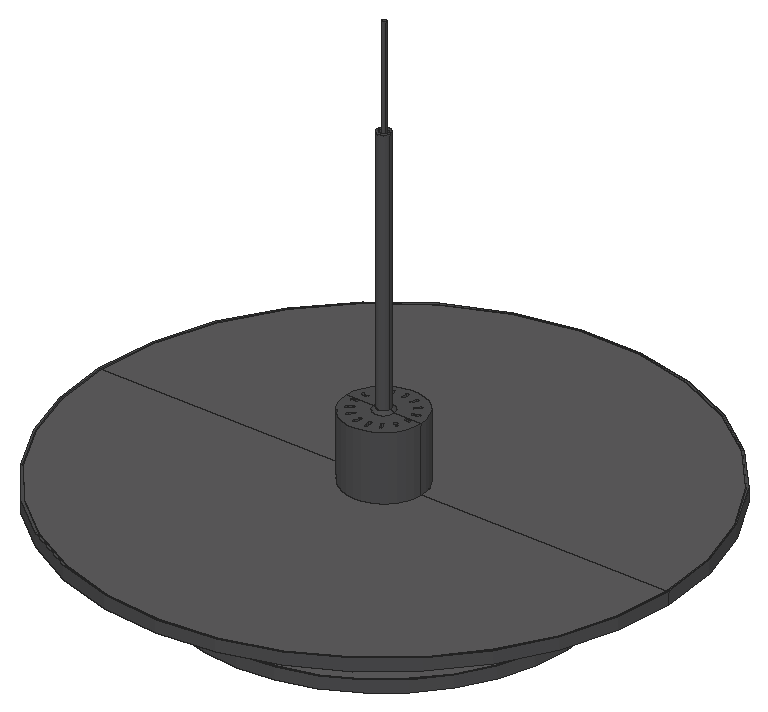
Revit family "Lighting_Pendants_Zero_Slizes", category Lighting Fixtures, Revit 2020
Family settings
  Round Connector Dimension = Use Diameter
  Part Type = Normal
  OmniClass Number = 23.80.70.00
  OmniClass Title = Lighting
  Work Plane-Based = No
  Always vertical = Yes
  Cut with Voids When Loaded = No
  Light Source = Yes
  Shared = No
  Room Calculation Point = No
Parameters (values of type "Slizes - Black 11W/884LM DALI")
  Wattage = 19.8473 W
  WarrantyStartDate [instance] = "n/a"
  WarrantyGuarantorParts = "n/a"
  WarrantyGuarantorLabor = "n/a"
  WarrantyDurationUnit = "n/a"
  WarrantyDurationParts = "n/a"
  WarrantyDurationLabor = "n/a"
  WarrantyDescription = "n/a"
  built-in parameter 1150110 = 1 (stored number, unit not read)
  VersionDate = "31/08/2023"  # constant formula
  Version = "2"  # constant formula
  Uniclass2015Reference = "Pr_70_70_48_46"
  Uniclass2015Description = "Light-emitting diode (LED) luminaires"
  Uniclass2 = "Pr_70_70_49_43"
  URL = "https://www.zerolighting.com/pendants#/slice-inompe"
  TotalWattage = 10 W
  built-in parameter 1114217 = 1 (stored number, unit not read)
  Tilt Angle = 90.00°
  built-in parameter 1150109 = 1 (stored number, unit not read)
  built-in parameter 1150134 = (empty or 0)
  TagNumber [instance] = "n/a"
  SustainabilityPerformance = "n/a"
  built-in parameter 1150113 = 1 (stored number, unit not read)
  Size = "580x580x415 mm"
  Shape = "Sculptured"
  SerialNumber [instance] = "n/a"
  Revision = "1"  # constant formula
  ReplacementCost = "n/a"
  ProductInformation = "n/a"
  ProductDatasheet = "https://www.zerolighting.com/s/Slice-pendel.pdf"
  PositionD_BelowMaterial [instance] = Hush 60155
  PositionD_AboveMaterial [instance] = Hush 60900
  PositionC_BelowMaterial [instance] = Hush 60155
  PositionC_AboveMaterial [instance] = Hush 60900
  PositionB_BelowMaterial [instance] = Hush 60155
  PositionB_AboveMaterial [instance] = Hush 60900
  PositionA_BelowMaterial [instance] = Hush 60155
  PositionA_AboveMaterial [instance] = Hush 60900
  Photometric Web File = "Slice_LED.IES"
  NumberOfSources = 0
  NumberOfPoles = 1
  NominalWidth = 580 mm
  NominalVoltageCalc = 230 V
  NominalVoltage = 230 V
  NominalLength = 580 mm
  NominalHeight = 415.5 mm
  NominalFrequencyRange = 50 Hz
  Name = "Zero_Slizes"  # constant formula
  NBSReference = "90-60-50/405"
  NBSDescription = "General purpose luminaires"
  ModelReference = "n/a"
  ModelNumber = "12120106D30"
  Model = "Slizes - Black 11W/884LM DALI"
  Material = "Metal & textile"
  ManufacturersSpecificInformation = "n/a"
  ManufacturerURL = "https://www.zerolighting.com/"
  ManufacturerName = "Zero"
  Manufacturer = "Zero"
  Lumens = 884 lm
  built-in parameter 1150115 = 1 (stored number, unit not read)
  built-in parameter 1150105 = 347.2 (stored number, unit not read)
  LightType [instance] = Slice_D580_2x : Slice_D580_2x
  LightFixturePlacingType = "Ceilling"
  LightFixtureMountingType = "Suspended"
  LightFixtureMainMaterial = Black RAL 9005
  built-in parameter 1150137 = (empty or 0)
  built-in parameter 1150139 = (empty or 0)
  LensMaterial = Mat Acrylic
  built-in parameter 1150112 = 1 (stored number, unit not read)
  built-in parameter 1150114 = 1 (stored number, unit not read)
  InsulationStandardClass = "n/a"
  InstallationDate [instance] = "n/a"
  built-in parameter 1150132 = 2
  built-in parameter 1150102 = (empty or 0)
  built-in parameter 1150138 = (empty or 0)
  built-in parameter 1150107 = 3000 (stored number, unit not read)
  built-in parameter 1150106 = 3.472 (stored number, unit not read)
  IfcExportType = "NOTDEFINED"  # constant formula
  IfcExportAs = "IfcLightFixtureType"  # constant formula
  IP_Code = "IP 20"
  HasProtectiveEarth = yes
  Grade = "n/a"
  Finish = "Painted metal in black RAL 9005. Sound absorbing slices made of polyester and bi-component fibre. Fabric Hush/Gabriel."
  Features = "LED info: With incorporated LED module or with dimmable LED lightsource included GU10 4,9W/2700K, 6,2W/3000K. Module-System power: 11W. Luminaire Luminous Flux: 884LM. CCT 3000K. SDCM 3. CRI 90. L70/50000H\r\nInstallation: On ceiling-hook. Including ceiling cup.\r\nConnection: DCL plug or terminalblock 3x4 mm2. When DALI 5x4mm2."
  ExpectedLife = "50.000h"
  Emit from Circle Diameter = 86 mm
  Emit Shape Visible in Rendering = no
  ElectricalDeviceNominalPower = 10
  built-in parameter 1150104 = 4.1379 (stored number, unit not read)
  DurationUnit = "Hours"
  Dimming Lamp Color Temperature Shift = <None>
  Designer = "Halskov & Dalsgaard 2022"
  DefaultElevation = 0 mm
  Default Elevation = 0 mm
  Constituents = "n/a"
  Color Filter = 16777215
  Color = "Various"
  Collection = "Slizes"
  CodePerformance = "n/a"
  Category = "Luminaires"
  CableLengthControl [instance] = if(CableLength < 100 mm, 100 mm, if(CableLength > 2500 mm, 2500 mm, CableLength))  # 100 mm
  CableLength [instance] = 100 mm
  Brand = "Zero"
  Barcode [instance] = "n/a"
  built-in parameter 1114218 = 1 (stored number, unit not read)
  BIMObjectName = "Lighting_Pendants_Zero_Slizes"  # constant formula
  Author = "BIMStone"  # constant formula
  built-in parameter 1150133 = 10 (stored number, unit not read)
  AssetType = "Fixed"
  AssetIdentifier [instance] = "n/a"
  Article Number = ModelNumber  # "12120106D30"
  AccessibilityPerformance = "n/a"
Types (2, lengths in mm): name | ModelNumber | Model | Article Number
  Slizes - Black 11W/884LM On/Off | "12120106-30" | "Slizes - Black 11W/884LM On/Off" | "12120106-30"
  Slizes - Black 11W/884LM DALI | "12120106D30" | "Slizes - Black 11W/884LM DALI" | "12120106D30"
Reference planes
  plane 1 "Light Source Axis (F/B)": y = 0
  plane 2: z = 0
  plane 3 "Light Source Axis (L/R)": x = 0
  plane 4 "Light Source Elevation": z = 0
  plane 5: x = -290
  plane 6: x = 290
  plane 7: y = 290
  plane 8: y = -290
  plane 9: z = 415.5
Dimensions and locks
  equal spacing: plane 5, plane 3 "Light Source Axis (L/R)", plane 6
  "NominalWidth": plane 5 to plane 6
  equal spacing: plane 7, plane 1 "Light Source Axis (F/B)", plane 8
  "NominalLength": plane 7 to plane 8
  "NominalHeight": plane 9 to plane 4 "Light Source Elevation"
  aligned and locked: plane 3 "Light Source Axis (L/R)" to imposter light
  aligned and locked: plane 1 "Light Source Axis (F/B)" to imposter light
  aligned and locked: plane 4 "Light Source Elevation" to imposter light
  aligned and locked: level to plane 2
  aligned and locked: plane 3 "Light Source Axis (L/R)" to nested 1
Nested families
  nested 1: "Slice_D580_2x" at (0, 0, 0), Body <- "LightFixtureMainMaterial", Glass <- "LensMaterial", type <- "LightType", Cable <- "LightFixtureMainMaterial", CableLenghtControl <- "CableLengthControl", Ring1BottomMaterial <- "PositionA_BelowMaterial", Ring1TopMaterial <- "PositionA_AboveMaterial", Ring2BottomMaterial <- "PositionB_BelowMaterial", Ring3BottomMaterial <- "PositionC_BelowMaterial", Ring4BottomMaterial <- "PositionD_BelowMaterial", Ring2TopMaterial <- "PositionB_AboveMaterial", Ring3TopMaterial <- "PositionC_AboveMaterial", Ring4TopMaterial <- "PositionD_AboveMaterial", type "Slice_D580_2x"
    with Ring4TopMaterial Hush 60900, Ring4BottomMaterial Hush 60155, Ring3TopMaterial Hush 60900, Ring3BottomMaterial Hush 60155, Ring2TopMaterial Hush 60900, Ring2BottomMaterial Hush 60155, Ring1TopMaterial Hush 60900, Ring1BottomMaterial Hush 60155, Glass Mat Acrylic, CableLenghtControl 100 mm, Cable Black RAL 9005, Body Black RAL 9005
Connectors
  electrical at (0, 0, 415.5)
    settings: on plane 9, index 1, voltage 0 V, apparent load 0 VA, apparent load phase1 0 VA, apparent load phase2 0 VA, apparent load phase3 0 VA, power factor 1, load classification "Other", number of poles 1, system type 31, power factor state 1, is connector primary yes, connector utility no, sub classification motor no, connector description ""
Definition of nested family "Slice_D580_2x"
  Parameters (values of type "Slice_D580_2x")
    Ring4TopMaterial [instance] = none
    Ring4BottomMaterial [instance] = none
    Ring3TopMaterial [instance] = none
    Ring3BottomMaterial [instance] = none
    Ring2TopMaterial [instance] = none
    Ring2BottomMaterial [instance] = none
    Ring1TopMaterial [instance] = none
    Ring1BottomMaterial [instance] = none
    Glass [instance] = none
    Default Elevation = 0 mm
    CableLenghtControl [instance] = 250 mm
    Cable [instance] = none
    Body [instance] = none
  Reference planes
    plane 1 "Center (Front/Back)": y = 0
    plane 2: z = 0
    plane 3 "Center (Left/Right)": x = 0
    plane 4: x = 290
    plane 5: z = 415.5
    plane 6: x = -290
    plane 7: y = -290
    plane 8: y = 290
  Forms (mm)
    Extrusion 1, solid, material <- "Cable"
      sketch origin (-351, -1524, 415.5) x (-1, 0, 0) y (0, -1, 0)
        loop
          circle (-351, -1524) r 2
      from -266.5 to 250 <- "CableLenghtControl"
    Revolve 2, solid, material <- "Ring1BottomMaterial", detail levels medium+fine
      sketch origin (0, 0, 0) x (1, 0, 0) y (0, 0, 1)
        loop
          line (-185.5, 8) -> (-38.5, 8) -> (-38.5, 14) -> (-185.5, 14) -> (-185.5, 8)
        axis (0, 14) -> (0, 8)
      angle from 0 to 360
    Revolve 3, solid, material <- "Body", detail levels medium+fine
      sketch origin (0, 0, 0) x (1, 0, 0) y (0, 0, 1)
        loop
          line (-38, 161.5) -> (-38, 85) -> (-55, 85) -> (-55, 83.5) -> (-38, 83.5) -> (-38, 1.589)
          arc (-38, 1.589) -> (-37.21, 1.527) -> (-36.5, 1.878) r 1.492
          line (-36.5, 1.878) -> (-36.5, 159) -> (-6.5, 159) -> (-6.5, 164) -> (-7.5, 164) -> (-10, 161.5) -> (-38, 161.5)
        axis (0, 164) -> (0, 1.589)
      angle from 0 to 360
    Revolve 4, solid, material <- "Body", detail levels medium+fine
      sketch origin (0, 0, 0) x (1, 0, 0) y (0, 0, 1)
        loop
          line (-43, 8) -> (-43, 1.484)
          arc (-43, 1.484) -> (-42.565, 0.435) -> (-41.516, 0) r 1.484
          line (-41.516, 0) -> (-37.5, 0)
          arc (-37.5, 0) -> (-35.379, 0.879) -> (-34.5, 3) r 3
          line (-34.5, 3) -> (-34.5, 30.991)
          arc (-34.5, 30.991) -> (-33.765, 32.765) -> (-31.991, 33.5) r 2.509
          line (-31.991, 33.5) -> (0, 33.5) -> (0, 35) -> (-32, 35)
          arc (-32, 35) -> (-34.828, 33.828) -> (-36, 31) r 4
          line (-36, 31) -> (-36, 2.992)
          arc (-36, 2.992) -> (-36.437, 1.937) -> (-37.492, 1.5) r 1.492
          line (-37.492, 1.5) -> (-41.5, 1.5) -> (-41.5, 8) -> (-43, 8)
        axis (0, 35) -> (0, 0)
      angle from 0 to 360
    Revolve 5, solid, material <- "Body", detail levels medium+fine
      sketch origin (0, 0, 0) x (1, 0, 0) y (0, 0, 1)
        loop
          line (-34, 21.5) -> (-34, 18.5) -> (0, 18.5) -> (0, 21.5) -> (-34, 21.5)
        axis (0, 21.5) -> (0, 18.5)
      angle from 0 to 360
    Extrusion 6, void
      sketch origin (0, 0, 0) x (1, 0, 0) y (0, 1, 0)
        loop
          arc (-1.5, 25) -> (0, 23.5) -> (1.5, 25) r 1.5
          line (1.5, 25) -> (1.5, 29.5)
          arc (1.5, 29.5) -> (0, 31) -> (-1.5, 29.5) r 1.5
          line (-1.5, 29.5) -> (-1.5, 25)
        loop
          arc (8.798, 23.449) -> (9.558, 21.468) -> (11.539, 22.229) r 1.5
          line (11.539, 22.229) -> (13.369, 26.339)
          arc (13.369, 26.339) -> (12.609, 28.32) -> (10.628, 27.56) r 1.5
          line (10.628, 27.56) -> (8.798, 23.449)
        loop
          arc (17.575, 17.843) -> (17.464, 15.725) -> (19.582, 15.614) r 1.5
          line (19.582, 15.614) -> (22.926, 18.625)
          arc (22.926, 18.625) -> (23.037, 20.743) -> (20.919, 20.854) r 1.5
          line (20.919, 20.854) -> (17.575, 17.843)
        loop
          arc (23.313, 9.152) -> (22.35, 7.262) -> (24.24, 6.299) r 1.5
          line (24.24, 6.299) -> (28.52, 7.689)
          arc (28.52, 7.689) -> (29.483, 9.58) -> (27.593, 10.543) r 1.5
          line (27.593, 10.543) -> (23.313, 9.152)
        loop
          arc (25.02, -1.121) -> (23.371, -2.456) -> (24.706, -4.105) r 1.5
          line (24.706, -4.105) -> (29.182, -4.575)
          arc (29.182, -4.575) -> (30.83, -3.24) -> (29.495, -1.592) r 1.5
          line (29.495, -1.592) -> (25.02, -1.121)
        loop
          arc (22.401, -11.201) -> (20.352, -11.75) -> (20.901, -13.799) r 1.5
          line (20.901, -13.799) -> (24.798, -16.049)
          arc (24.798, -16.049) -> (26.847, -15.5) -> (26.298, -13.451) r 1.5
          line (26.298, -13.451) -> (22.401, -11.201)
        loop
          arc (15.908, -19.344) -> (13.813, -19.012) -> (13.481, -21.107) r 1.5
          line (13.481, -21.107) -> (16.126, -24.748)
          arc (16.126, -24.748) -> (18.221, -25.08) -> (18.553, -22.984) r 1.5
          line (18.553, -22.984) -> (15.908, -19.344)
        loop
          arc (6.665, -24.142) -> (4.886, -22.986) -> (3.731, -24.766) r 1.5
          line (3.731, -24.766) -> (4.666, -29.167)
          arc (4.666, -29.167) -> (6.445, -30.323) -> (7.601, -28.543) r 1.5
          line (7.601, -28.543) -> (6.665, -24.142)
        loop
          arc (-3.731, -24.766) -> (-4.886, -22.986) -> (-6.665, -24.142) r 1.5
          line (-6.665, -24.142) -> (-7.601, -28.543)
          arc (-7.601, -28.543) -> (-6.445, -30.323) -> (-4.666, -29.167) r 1.5
          line (-4.666, -29.167) -> (-3.731, -24.766)
        loop
          arc (-13.481, -21.107) -> (-13.813, -19.012) -> (-15.908, -19.344) r 1.5
          line (-15.908, -19.344) -> (-18.553, -22.984)
          arc (-18.553, -22.984) -> (-18.221, -25.08) -> (-16.126, -24.748) r 1.5
          line (-16.126, -24.748) -> (-13.481, -21.107)
        loop
          arc (-20.901, -13.799) -> (-20.352, -11.75) -> (-22.401, -11.201) r 1.5
          line (-22.401, -11.201) -> (-26.298, -13.451)
          arc (-26.298, -13.451) -> (-26.847, -15.5) -> (-24.798, -16.049) r 1.5
          line (-24.798, -16.049) -> (-20.901, -13.799)
        loop
          arc (-24.706, -4.105) -> (-23.371, -2.456) -> (-25.02, -1.121) r 1.5
          line (-25.02, -1.121) -> (-29.495, -1.592)
          arc (-29.495, -1.592) -> (-30.83, -3.24) -> (-29.182, -4.575) r 1.5
          line (-29.182, -4.575) -> (-24.706, -4.105)
        loop
          arc (-24.24, 6.299) -> (-22.35, 7.262) -> (-23.313, 9.152) r 1.5
          line (-23.313, 9.152) -> (-27.593, 10.543)
          arc (-27.593, 10.543) -> (-29.483, 9.58) -> (-28.52, 7.689) r 1.5
          line (-28.52, 7.689) -> (-24.24, 6.299)
        loop
          arc (-19.582, 15.614) -> (-17.464, 15.725) -> (-17.575, 17.843) r 1.5
          line (-17.575, 17.843) -> (-20.919, 20.854)
          arc (-20.919, 20.854) -> (-23.037, 20.743) -> (-22.926, 18.625) r 1.5
          line (-22.926, 18.625) -> (-19.582, 15.614)
        loop
          arc (-11.539, 22.229) -> (-9.558, 21.468) -> (-8.798, 23.449) r 1.5
          line (-8.798, 23.449) -> (-10.628, 27.56)
          arc (-10.628, 27.56) -> (-12.609, 28.32) -> (-13.369, 26.339) r 1.5
          line (-13.369, 26.339) -> (-11.539, 22.229)
      from 149 to 164
    Revolve 7, solid, material <- "Body", detail levels medium+fine
      sketch origin (0, 0, 0) x (1, 0, 0) y (0, 0, 1)
        loop
          line (-4.85, 149) -> (-4.85, 414.75)
          arc (-4.85, 414.75) -> (-5.6, 415.5) -> (-6.35, 414.75) r 0.75
          line (-6.35, 414.75) -> (-6.35, 149) -> (-4.85, 149)
        axis (0, 149) -> (0, 414.75)
      angle from 0 to 360
    Revolve 8, solid, material <- "Ring2BottomMaterial", detail levels medium+fine
      sketch origin (0, 0, 0) x (1, 0, 0) y (0, 0, 1)
        loop
          line (-288, 85) -> (-38.5, 85) -> (-38.5, 91) -> (-288, 91) -> (-288, 85)
        axis (0, 91) -> (0, 85)
      angle from 0 to 360
    Revolve 9, solid, material <- "Body", detail levels medium+fine
      sketch origin (0, 0, 50) x (1, 0, 0) y (0, 0, 1)
        loop
          line (-290, 35) -> (-288, 35) -> (-288, 47) -> (-290, 47) -> (-290, 35)
        loop
          line (-185.5, -30) -> (-187.5, -30) -> (-187.5, -42) -> (-185.5, -42) -> (-185.5, -30)
        axis (0, 47) -> (0, -42)
      angle from 0 to 360
    Extrusion 10, solid, material <- "Body", detail levels coarse
      sketch origin (0, 0, 0) x (1, 0, 0) y (0, 1, 0)
        loop
          line (-290, 290) -> (-290, -290) -> (290, -290) -> (290, 290) -> (-290, 290)
      from 0 to 415.5
    Revolve 11, solid, material <- "Ring1TopMaterial", detail levels medium+fine
      sketch origin (0, 0, 0) x (1, 0, 0) y (0, 0, 1)
        loop
          line (-185.5, 14) -> (-38.5, 14) -> (-38.5, 20) -> (-185.5, 20) -> (-185.5, 14)
        axis (0, 20) -> (0, 14)
      angle from 0 to 360
    Revolve 12, solid, material <- "Ring2TopMaterial", detail levels medium+fine
      sketch origin (0, 0, 0) x (1, 0, 0) y (0, 0, 1)
        loop
          line (-288, 91) -> (-38.5, 91) -> (-38.5, 97) -> (-288, 97) -> (-288, 91)
        axis (0, 97) -> (0, 91)
      angle from 0 to 360
  Cuts and joins
    Extrusion 6 cuts Revolve 3
  Lines and regions (mm)
    symbolic lines, detail levels fine
      curve 1: line (0, 0, 97) -> (-38, 0, 97)
      curve 4: line (0, 0, 20) -> (-38, 0, 20)
      curve 10: line (-43, 0, 8) -> (0, 0, 8)
      curve 15: line (-38, 0, 83.5) -> (0, 0, 83.5)
      curve 20: line (-6.35, 0, 164) -> (0, 0, 164)
      curve 23: line (-10, 0, 161.5) -> (0, 0, 161.5)
      curve 25: line (-55, 0, 85) -> (0, 0, 85)
      curve 27: line (0, 0, 97) -> (38, 0, 97)
      curve 30: line (0, 0, 20) -> (38, 0, 20)
      curve 36: line (43, 0, 8) -> (0, 0, 8)
      curve 41: line (38, 0, 83.5) -> (0, 0, 83.5)
      curve 46: line (6.35, 0, 164) -> (0, 0, 164)
      curve 49: line (10, 0, 161.5) -> (0, 0, 161.5)
      curve 51: line (55, 0, 85) -> (0, 0, 85)
      curve 54: circle (0, 0, 0) r 187.5 normal (0, 0, 1)
      curve 59: line (0, 0, 164) -> (0, -6.35, 164)
      curve 64: line (0, -38, 97) -> (0, 0, 97)
      curve 65: line (0, 0, 97) -> (0, 38, 97)
      curve 70: line (0, 6.35, 164) -> (0, 0, 164)
      curve 79: line (0, 43, 8) -> (0, 0, 8)
      curve 80: line (0, 0, 8) -> (0, -43, 8)
      curve 81: line (0, 38, 83.5) -> (0, 0, 83.5)
      curve 82: line (0, 0, 83.5) -> (0, -38, 83.5)
      curve 86: line (0, 10, 161.5) -> (0, 0, 161.5)
      curve 87: line (0, 0, 161.5) -> (0, -10, 161.5)
      curve 88: line (0, 55, 85) -> (0, 0, 85)
      curve 89: line (0, 0, 85) -> (0, -55, 85)
      curve 100: line (0, 38, 20) -> (0, 0, 20)
      curve 101: line (0, 0, 20) -> (0, -38, 20)
    symbolic lines, detail levels medium+fine
      curve 2: line (-290, 0, 97) -> (-290, 0, 85)
      curve 3: line (-290, 0, 85) -> (-55, 0, 85)
      curve 5: line (-187.5, 0, 20) -> (-187.5, 0, 8)
      curve 6: line (-187.5, 0, 8) -> (-43, 0, 8)
      curve 7: line (-43, 0, 8) -> (-43, 0, 1.484)
      curve 8: arc (-43, 0, 1.484) -> (-42.565, 0, 0.435) -> (-41.516, 0, 0) r 1.484
      curve 9: line (-41.516, 0, 0) -> (0, 0, 0)
      curve 11: line (-38, 0, 161.5) -> (-38, 0, 97)
      curve 12: line (-55, 0, 83.5) -> (-55, 0, 85)
      curve 13: line (-55, 0, 83.5) -> (-38, 0, 83.5)
      curve 14: line (-38, 0, 83.5) -> (-38, 0, 20)
      curve 16: line (-38, 0, 161.5) -> (-10, 0, 161.5)
      curve 17: line (-7.5, 0, 164) -> (-10, 0, 161.5)
      curve 18: line (-7.5, 0, 164) -> (-6.35, 0, 164)
      curve 19: arc (-5.6, 0, 415.5) -> (-6.13, 0, 415.28) -> (-6.35, 0, 414.75) r 0.75
      curve 21: line (-6.35, 0, 414.75) -> (-6.35, 0, 164)
      curve 22: line (-5.6, 0, 415.5) -> (0, 0, 415.5)
      curve 24: line (-38, 0, 97) -> (-290, 0, 97)
      curve 26: line (-38, 0, 20) -> (-187.5, 0, 20)
      curve 28: line (290, 0, 97) -> (290, 0, 85)
      curve 29: line (290, 0, 85) -> (55, 0, 85)
      curve 31: line (187.5, 0, 20) -> (187.5, 0, 8)
      curve 32: line (187.5, 0, 8) -> (43, 0, 8)
      curve 33: line (43, 0, 8) -> (43, 0, 1.484)
      curve 34: arc (43, 0, 1.484) -> (42.565, 0, 0.435) -> (41.516, 0, 0) r 1.484
      curve 35: line (41.516, 0, 0) -> (0, 0, 0)
      curve 37: line (38, 0, 161.5) -> (38, 0, 97)
      curve 38: line (55, 0, 83.5) -> (55, 0, 85)
      curve 39: line (55, 0, 83.5) -> (38, 0, 83.5)
      curve 40: line (38, 0, 83.5) -> (38, 0, 20)
      curve 42: line (38, 0, 161.5) -> (10, 0, 161.5)
      curve 43: line (7.5, 0, 164) -> (10, 0, 161.5)
      curve 44: line (7.5, 0, 164) -> (6.35, 0, 164)
      curve 45: arc (5.6, 0, 415.5) -> (6.13, 0, 415.28) -> (6.35, 0, 414.75) r 0.75
      curve 47: line (6.35, 0, 414.75) -> (6.35, 0, 164)
      curve 48: line (5.6, 0, 415.5) -> (0, 0, 415.5)
      curve 50: line (38, 0, 97) -> (290, 0, 97)
      curve 52: line (38, 0, 20) -> (187.5, 0, 20)
      curve 53: circle (0, 0, 0) r 290 normal (0, 0, 1)
      curve 55: arc (0, 43, 1.484) -> (0, 42.565, 0.435) -> (0, 41.516, 0) r 1.484
      curve 56: arc (0, 5.6, 415.5) -> (0, 6.13, 415.28) -> (0, 6.35, 414.75) r 0.75
      curve 57: arc (0, -41.516, 0) -> (0, -42.565, 0.435) -> (0, -43, 1.484) r 1.484
      curve 58: arc (0, -6.35, 414.75) -> (0, -6.13, 415.28) -> (0, -5.6, 415.5) r 0.75
      curve 60: line (0, -6.35, 164) -> (0, -7.5, 164)
      curve 61: line (0, -7.5, 164) -> (0, -10, 161.5)
      curve 62: line (0, -10, 161.5) -> (0, -38, 161.5)
      curve 63: line (0, -38, 161.5) -> (0, -38, 97)
      curve 66: line (0, 38, 97) -> (0, 38, 161.5)
      curve 67: line (0, 38, 161.5) -> (0, 10, 161.5)
      curve 68: line (0, 10, 161.5) -> (0, 7.5, 164)
      curve 69: line (0, 7.5, 164) -> (0, 6.35, 164)
      curve 71: line (0, 38, 97) -> (0, 290, 97)
      curve 72: line (0, 290, 97) -> (0, 290, 85)
      curve 73: line (0, 290, 85) -> (0, 55, 85)
      curve 74: line (0, 55, 85) -> (0, 55, 83.5)
      curve 75: line (0, 55, 83.5) -> (0, 38, 83.5)
      curve 76: line (0, 38, 83.5) -> (0, 38, 20)
      curve 77: line (0, 41.516, 0) -> (0, 0, 0)
      curve 78: line (0, 0, 0) -> (0, -41.516, 0)
      curve 83: line (0, 6.35, 414.75) -> (0, 6.35, 164)
      curve 84: line (0, 5.6, 415.5) -> (0, 0, 415.5)
      curve 85: line (0, 0, 415.5) -> (0, -5.6, 415.5)
      curve 90: line (0, -38, 97) -> (0, -290, 97)
      curve 91: line (0, -290, 97) -> (0, -290, 85)
      curve 92: line (0, -290, 85) -> (0, -55, 85)
      curve 93: line (0, -55, 85) -> (0, -55, 83.5)
      curve 94: line (0, -55, 83.5) -> (0, -38, 83.5)
      curve 95: line (0, -38, 83.5) -> (0, -38, 20)
      curve 96: line (0, 43, 1.484) -> (0, 43, 8)
      curve 97: line (0, 43, 8) -> (0, 187.5, 8)
      curve 98: line (0, 187.5, 8) -> (0, 187.5, 20)
      curve 99: line (0, 187.5, 20) -> (0, 38, 20)
      curve 102: line (0, -38, 20) -> (0, -187.5, 20)
      curve 103: line (0, -187.5, 20) -> (0, -187.5, 8)
      curve 104: line (0, -187.5, 8) -> (0, -43, 8)
      curve 105: line (0, -43, 8) -> (0, -43, 1.484)
      curve 106: line (0, -6.35, 164) -> (0, -6.35, 414.75)
    symbolic lines
      curve 107: line (2, 0, 665.5) -> (-2, 0, 665.5)
      curve 108: line (-2, 0, 665.5) -> (-2, 0, 415.5)
      curve 109: line (2, 0, 665.5) -> (2, 0, 415.5)
      curve 110: line (0, 2, 665.5) -> (0, -2, 665.5)
      curve 111: line (0, 2, 665.5) -> (0, 2, 415.5)
      curve 112: line (0, -2, 665.5) -> (0, -2, 415.5)
  Dimensions and locks
    aligned and locked: level to plane 2
    aligned and locked: curve 107 to Extrusion 1
    aligned and locked: curve 110 to Extrusion 1
